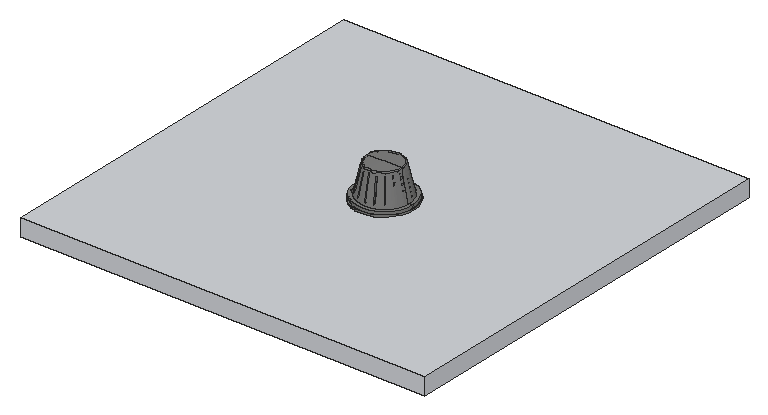
Revit family
Parameters (values of type "4"")
  URL = "WWW.MIFAB.COM"
  Roof Drain Material = Roof Drain
  Nominal Radius = 2.000"
  Nominal Diameter = Nominal Radius * 2  # 4.000"
  Model = "R1200-EU"
  Manufacturer = "MIFAB"
  Description = "LARGE SUMP ROOF DRAIN WITH EXTENSION"
  Default Elevation = 48.000"
  Body Height = 5.437"
Types (7): name | Roof Drain Material | Nominal Radius | Nominal Diameter | Body Height
  (no name) | Roof Drain | 2.000" | 4.000" | 5.437"
  2" | none | 1.000" | 2.000" | 5.437"
  3" | none | 1.500" | 3.000" | 5.437"
  4" | Roof Drain | 2.000" | 4.000" | 5.437"
  5" | none | 2.500" | 5.000" | 5.437"
  6" | none | 3.000" | 6.000" | 5.875"
  8" | none | 4.000" | 8.000" | 5.875"
Reference planes (in)
  plane 1 "Center (Front/Back)": y = 0
  plane 2: z = 0
  plane 3 "Center (Left/Right)": x = 0
  plane 4: z = 8
  plane 5: z = 0.3662
  plane 6: z = 0.7638
  plane 7: z = 1.01491
  plane 8: z = -4.39608
  plane 9: z = -4.64719
  plane 10: z = -5.04479
  plane 11: z = -5.41099
  plane 12: z = -9.97539
  plane 13: z = -10.3416
  plane 14: z = -10.73919
  plane 15: z = -10.9903
  plane 16: x = -2
  plane 17: x = 2
  plane 18: z = -5.437
  plane 19: z = 7.2
  plane 20: z = 1.66571
Forms (in)
  Extrusion 1, solid
    sketch origin (0, 0, 0) x (1, 0, 0) y (0, 1, 0)
      loop
        line (-48, 48) -> (-48, -48) -> (48, -48) -> (48, 48) -> (-48, 48)
    from 0 to -4
  Revolve 2, solid, material "Roof Drain" <- "Roof Drain Material"
    sketch origin (0, 0, 0) x (1, 0, 0) y (0, 0, 1)
      loop
        line (-4.23474, 7.6955) -> (-5.91157, 0.57546) -> (-6.33009, 0.57546) -> (-6.33009, 0.3662) -> (-5.74044, 0.3662) -> (-3.95555, 7.65269)
        arc (-3.95555, 7.65269) -> (-1.97899, 7.75654) -> (0, 7.79117) r 56.5639
        line (0, 7.79117) -> (0, 8.00043)
        arc (0, 8.00043) -> (-2.02439, 7.96432) -> (-4.0462, 7.85606) r 56.77316
        arc (-4.0462, 7.85606) -> (-4.16681, 7.80671) -> (-4.23474, 7.6955) r 0.209
      axis (0, 8.00043) -> (0, 0.3662)
    angle from 0 to 360
  Revolve 3, solid, material "Roof Drain" <- "Roof Drain Material"
    sketch origin (0, 0, 0) x (1, 0, 0) y (0, 0, 1)
      loop
        line (-7.0625, 0.3662) -> (-7.0625, 0) -> (-4.28458, 0) -> (-4.28458, 0.3662) -> (-6.46611, 0.3662) -> (-6.46611, 0.7638) -> (-5.99528, 0.7638) -> (-5.99528, 1.01491) -> (-6.80093, 1.01491) -> (-6.80093, 0.3662) -> (-7.0625, 0.3662)
      loop
        line (-7.0625, -5.04479) -> (-7.0625, -5.41099) -> (-4.28458, -5.41099) -> (-4.28458, -5.04479) -> (-6.46611, -5.04479) -> (-6.46611, -4.64719) -> (-5.99528, -4.64719) -> (-5.99528, -4.39608) -> (-6.80093, -4.39608) -> (-6.80093, -5.04479) -> (-7.0625, -5.04479)
      loop
        line (-7.0625, -9.97539) -> (-7.0625, -10.3416) -> (-6.80093, -10.3416) -> (-6.80093, -10.9903) -> (-5.99528, -10.9903) -> (-5.99528, -10.73919) -> (-6.46611, -10.73919) -> (-6.46611, -10.3416) -> (-4.28458, -10.3416) -> (-4.28458, -9.97539) -> (-7.0625, -9.97539)
      axis (0, 1.01491) -> (0, -10.9903)
    angle from 0 to 360
  Revolve 4, solid, material "Roof Drain" <- "Roof Drain Material"
    sketch origin (0, 0, 0) x (1, 0, 0) y (0, 0, 1)
      loop
        line (-6.59167, 0) -> (-6.59167, -0.27204) -> (-4.91759, -0.27204) -> (-4.89728, -0.94167) -> (-4.27077, -0.94167) -> (-4.27077, -4.12913) -> (-2.20926, -4.12913) -> (-2.20926, -5.437) -> (-2, -5.437) -> (-2, -3.85709) -> (-4.12191, -3.85709) -> (-4.14239, 0) -> (-6.59167, 0)
      axis (0, 0) -> (0, -5.437)
    angle from 0 to 360
  Extrusion 5, void
    sketch origin (0, 0, 0) x (1, 0, 0) y (0, 0, 1)
      loop
        line (-0.15, 7.2) -> (-0.15, 1.66571) -> (0.15, 1.66571) -> (0.15, 7.2) -> (-0.15, 7.2)
    from -6.6313 to 6.43928
  Extrusion 6, void
    sketch origin (0, 0, 0) x (0.939693, -0.34202, 0) y (0, 0, 1)
      loop
        line (-0.15, 7.2) -> (-0.15, 1.66571) -> (0.15, 1.66571) -> (0.15, 7.2) -> (-0.15, 7.2)
    from -6.6313 to 6.43928
  Extrusion 7, void
    sketch origin (0, 0, 0) x (0.939693, 0.34202, 0) y (0, 0, 1)
      loop
        line (-0.15, 7.2) -> (-0.15, 1.66571) -> (0.15, 1.66571) -> (0.15, 7.2) -> (-0.15, 7.2)
    from -6.6313 to 6.43928
  Extrusion 8, void
    sketch origin (0, 0, 0) x (0.766044, 0.642788, 0) y (0, 0, 1)
      loop
        line (-0.15, 7.2) -> (-0.15, 1.66571) -> (0.15, 1.66571) -> (0.15, 7.2) -> (-0.15, 7.2)
    from -6.6313 to 6.43928
  Extrusion 9, void
    sketch origin (0, 0, 0) x (0.5, 0.866025, 0) y (0, 0, 1)
      loop
        line (-0.15, 7.2) -> (-0.15, 1.66571) -> (0.15, 1.66571) -> (0.15, 7.2) -> (-0.15, 7.2)
    from -6.6313 to 6.43928
  Extrusion 10, void
    sketch origin (0, 0, 0) x (0.173648, 0.984808, 0) y (0, 0, 1)
      loop
        line (-0.15, 7.2) -> (-0.15, 1.66571) -> (0.15, 1.66571) -> (0.15, 7.2) -> (-0.15, 7.2)
    from -6.6313 to 6.43928
  Extrusion 11, void
    sketch origin (0, 0, 0) x (-0.173648, 0.984808, 0) y (0, 0, 1)
      loop
        line (-0.15, 7.2) -> (-0.15, 1.66571) -> (0.15, 1.66571) -> (0.15, 7.2) -> (-0.15, 7.2)
    from -6.6313 to 6.43928
  Extrusion 12, void
    sketch origin (0, 0, 0) x (-0.5, 0.866025, 0) y (0, 0, 1)
      loop
        line (-0.15, 7.2) -> (-0.15, 1.66571) -> (0.15, 1.66571) -> (0.15, 7.2) -> (-0.15, 7.2)
    from -6.6313 to 6.43928
  Extrusion 13, void
    sketch origin (0, 0, 0) x (-0.766044, 0.642788, 0) y (0, 0, 1)
      loop
        line (-0.15, 7.2) -> (-0.15, 1.66571) -> (0.15, 1.66571) -> (0.15, 7.2) -> (-0.15, 7.2)
    from -6.6313 to 6.43928
Cuts and joins
  Extrusion 5, Extrusion 6, Extrusion 7, Extrusion 8, Extrusion 9, Extrusion 10, Extrusion 11, Extrusion 12, Extrusion 13 cuts Revolve 2
Lines and regions (in)
  symbolic lines
    curve 1: arc (-7.0625, 0, 0) -> (0, 7.0625, 0) -> (7.0625, 0, 0) r 7.0625
    curve 2: arc (7.0625, 0, 0) -> (0, -7.0625, 0) -> (-7.0625, 0, 0) r 7.0625
    curve 3: arc (-4.28458, 0, 0) -> (0, 4.28458, 0) -> (4.28458, 0, 0) r 4.28458
    curve 4: arc (4.28458, 0, 0) -> (0, -4.28458, 0) -> (-4.28458, 0, 0) r 4.28458
Dimensions and locks (in)
  locked: plane 4 to level at 8
  plane 7 to plane 6 to plane 5 to level = 0.25111" locked, 0.39759" locked, 0.3662" locked
  level to plane 8 to plane 9 to plane 10 to plane 11 to plane 12 to plane 13 to plane 14 to plane 15 = 4.39608" locked, 0.25111" locked, 0.39759" locked, 0.3662" locked, 4.56441" locked, 0.3662" locked, 0.39759" locked, 0.25111" locked
  plane 3 "Center (Left/Right)" to Revolve 3 sketch curve to Revolve 3 sketch curve to Revolve 3 sketch curve to Revolve 3 sketch curve to Revolve 3 sketch curve = 4.28458" locked, 1.71069" locked, 0.47083" locked, 0.33481" locked, 0.26157" locked
  equal spacing: plane 16, plane 3 "Center (Left/Right)", plane 17
  "Nominal Diameter": plane 16 to plane 17
  "Body Height": level to plane 18
  locked: plane 16 to Revolve 4 sketch curve at 0.20926
  Revolve 4 sketch curve to Revolve 4 sketch curve to plane 18 = 0.27204" locked, 1.30787" locked
  level to Revolve 4 sketch curve to Revolve 4 sketch curve = 0.27204" locked, 0.66963" locked
  plane 3 "Center (Left/Right)" to Revolve 4 sketch curve to Revolve 4 sketch curve to Revolve 4 sketch curve to Revolve 4 sketch curve to Revolve 4 sketch curve to Revolve 4 sketch curve to Revolve 4 sketch curve = 4.12191" locked, 0.02048" locked, 0.12838" locked, 0.000" locked, 0.62651" locked, 0.02031" locked, 1.67407" locked
  plane 3 "Center (Left/Right)" to Revolve 2 sketch curve to Revolve 2 sketch curve to Revolve 2 sketch curve to Revolve 2 sketch curve to Revolve 2 sketch curve to Revolve 2 sketch curve = 3.95555" locked, 0.09064" locked, 0.18854" locked, 1.5057" locked, 0.17114" locked, 0.41852" locked
  locked: Revolve 2 sketch curve to plane 5 at 0.20926
  nested 3 to plane 1 "Center (Front/Back)" to nested 1 = 4.348" locked, 4.348" locked
  locked: plane 4 to plane 19 at 0.8
  locked: plane 20 to level at 1.66571
  aligned and locked: plane 2 to Extrusion 1
  aligned and locked: level to Extrusion 1
  aligned and locked: Revolve 3 sketch curve to Revolve 3 sketch curve  (x10)
  aligned and locked: Revolve 4 sketch curve to level
  aligned and locked: Revolve 4 sketch curve to plane 18
  aligned and locked: Revolve 4 sketch curve to plane 3 "Center (Left/Right)"
  aligned and locked: nested 2 to nested 1
  aligned and locked: nested 4 to nested 3
  aligned and locked: curve 1 to Revolve 3
  aligned and locked: curve 2 to Revolve 3
  aligned and locked: curve 3 to Revolve 3
  aligned and locked: curve 4 to Revolve 3
Automatic sketch dimensions
  Extrusion 1 sketch curve to Extrusion 1 sketch curve = 96.000"  (x2)
  Revolve 3 sketch curve to plane 13 = 0.000"  (x2)
  Revolve 3 sketch curve to plane 12 = 0.000"
  Revolve 3 sketch curve to plane 10 = 0.000"  (x2)
  Revolve 3 sketch curve to plane 11 = 0.000"
  Revolve 3 sketch curve to plane 8 = 0.000"
  Revolve 3 sketch curve to plane 15 = 0.000"
  Revolve 3 sketch curve to plane 9 = 0.000"
  Revolve 3 sketch curve to plane 14 = 0.000"
  Revolve 3 sketch curve to plane 3 "Center (Left/Right)" = 0.000"
  Revolve 3 sketch curve to level = 0.000"
  Revolve 3 sketch curve to plane 5 = 0.000"  (x2)
  Revolve 3 sketch curve to plane 6 = 0.000"
  Revolve 3 sketch curve to plane 7 = 0.000"
  Revolve 3 sketch curve to plane 15 = 13.0097"
  plane 4 to Revolve 3 sketch curve = 94.71882"
  Revolve 4 sketch curve to plane 16 = 0.000"
  Revolve 4 sketch curve to plane 15 = 13.0097"
  plane 4 to Revolve 4 sketch curve = 94.71882"
  Revolve 2 sketch curve to Revolve 2 sketch curve = 0.000"  (x2)
  Revolve 2 sketch curve to plane 5 = 0.000"
  plane 3 "Center (Left/Right)" to Revolve 2 sketch curve = 0.000"
  Revolve 2 sketch curve to plane 3 "Center (Left/Right)" = 0.000"
  Revolve 2 sketch curve to plane 4 = 0.34731"
  Revolve 2 sketch curve to Revolve 2 sketch curve = 0.0149"
  Revolve 2 sketch curve to plane 4 = 0.3045"
  Revolve 2 sketch curve to plane 15 = 13.0097"
  Revolve 2 sketch curve to Revolve 2 sketch curve = 0.0051"
  Revolve 2 sketch curve to Revolve 2 sketch curve = 94.7184"
  Extrusion 5 sketch curve to Extrusion 5 sketch curve = 0.300"
  Extrusion 5 sketch curve to Extrusion 5 sketch curve = 5.53429"
  Extrusion 6 sketch curve to Extrusion 6 sketch curve = 0.300"
  Extrusion 6 sketch curve to Extrusion 6 sketch curve = 5.53429"
  Extrusion 7 sketch curve to Extrusion 7 sketch curve = 0.300"
  Extrusion 7 sketch curve to Extrusion 7 sketch curve = 5.53429"
  Extrusion 8 sketch curve to Extrusion 8 sketch curve = 0.300"
  Extrusion 8 sketch curve to Extrusion 8 sketch curve = 5.53429"
  Extrusion 9 sketch curve to Extrusion 9 sketch curve = 0.300"
  Extrusion 9 sketch curve to Extrusion 9 sketch curve = 5.53429"
  Extrusion 10 sketch curve to Extrusion 10 sketch curve = 0.300"
  Extrusion 10 sketch curve to Extrusion 10 sketch curve = 5.53429"
  Extrusion 11 sketch curve to Extrusion 11 sketch curve = 0.300"
  Extrusion 11 sketch curve to Extrusion 11 sketch curve = 5.53429"
  Extrusion 12 sketch curve to Extrusion 12 sketch curve = 0.300"
  Extrusion 12 sketch curve to Extrusion 12 sketch curve = 5.53429"
  Extrusion 13 sketch curve to Extrusion 13 sketch curve = 0.300"
  Extrusion 13 sketch curve to Extrusion 13 sketch curve = 5.53429"
Nested families (in)
  nested 1: "Family2" at (-4.59847, 4.348, 0), type "Family2"
  nested 2: "Family2" at (4.59847, 4.348, 0) x (-1, 0, 0) z (0, 0, 1), type "Family2"
  nested 3: "Family2" at (-4.59847, -4.348, 0), type "Family2"
  nested 4: "Family2" at (4.59847, -4.348, 0) x (-1, 0, 0) z (0, 0, 1), type "Family2"
Connectors (in)
  piping at (0, 0, -5.437), driven by "Nominal Radius"
    settings: on Revolve 4, index 1, connector radius 2", flow factor 0, pipe flow 0 GPM, pressure drop 0.00 psi, fitting loss kfactor 0, connector angle 0.00°, fixture units 0, flow configuration 0, flow direction 0, fitting loss method 0, system type 7, connector reference index -1, connector utility 0, adjustable connector no, is connector primary yes, fitting loss table "", connector description ""
Definition of nested family "Family2"
  Parameters (values of type "Family2")
    Material = none
  Reference planes (in)
    plane 1 "Center (Front/Back)": y = 0
    plane 2: z = 0
    plane 3 "Center (Left/Right)": x = 0
  Forms (in)
    Revolve 1, solid, material <- "Material"
      sketch origin (0, 0, 0) x (1, 0, 0) y (0, 0, 1)
        loop
          line (-0.13183, -10.8011) -> (0, -10.8011) -> (0, -0.09758) -> (-0.13079, -0.15497) -> (-0.13079, -0.21773) -> (-0.16218, -0.24912) -> (-0.16218, -4.66812) -> (-0.26157, -4.66812) -> (-0.26157, -4.94016) -> (-0.46037, -4.94016) -> (-0.46037, -5.04479) -> (-0.31389, -5.04479) -> (-0.31389, -5.41099) -> (-0.46037, -5.41099) -> (-0.46037, -5.51562) -> (-0.26157, -5.51562) -> (-0.26157, -5.78766) -> (-0.16218, -5.78766) -> (-0.16218, -9.59873) -> (-0.26157, -9.59873) -> (-0.26157, -9.87076) -> (-0.46037, -9.87076) -> (-0.46037, -9.97539) -> (-0.31389, -9.97539) -> (-0.31389, -10.3416) -> (-0.46037, -10.3416) -> (-0.46037, -10.44623) -> (-0.26157, -10.44623) -> (-0.26157, -10.71826) -> (-0.16218, -10.71826) -> (-0.16218, -10.77076) -> (-0.13183, -10.8011)
        axis (0, -0.09758) -> (0, -10.8011)
      angle from 0 to 360
  Dimensions and locks (in)
    aligned and locked: plane 2 to level
    aligned and locked: Revolve 1 sketch curve to plane 3 "Center (Left/Right)"  (x2)
